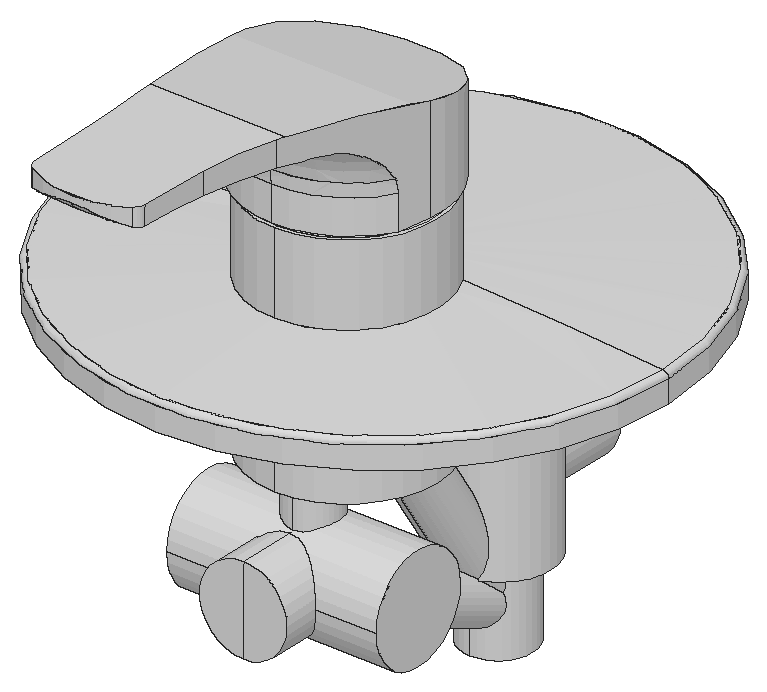
Revit family "Grohe_PlumbingFixtures_Eurosmart_SingleLeverShowerMixer_33556003xxx", category Plumbing Fixtures, host Face, Revit 2018
Family settings
  Host = Face
  Round Connector Dimension = Use Diameter
  Part Type = Normal
  OmniClass Number = 23.65.00.00
  OmniClass Title = Supply and Distribution of Liquids and Gases
  Cut with Voids When Loaded = No
  Shared = No
  Room Calculation Point = No
Parameters (values of type "33556003")
  _ObjectUserGuide = "https://www.bimstore.co/products/grohe-eurosmart-single-lever-shower-mixer-1-2-33556003/document/object-user-guide"
  _DistributedBy = "www.bimstore.co"
  _CurrentRevision = 1
  _CreatedBy = "www.bimstore.co"
  _BimSpecGuid = 0
  _BSBibleVersion = 16
  _AuthorizedBy = "bimstore"
  _Author = "AM"
  Waste Connection = no
  WarrantyStartDate [instance] = "Please record on commissioning"
  WarrantyGuarantorParts = "info-uk@grohe.com"
  WarrantyGuarantorLabor = "info-uk@grohe.com"
  WarrantyDurationUnit = "Year"
  WarrantyDurationParts = "0"
  WarrantyDurationLabor = "0"
  WarrantyDescription = "n/a"
  WFU = 0
  Vent Connection = no
  URL = "https://www.grohe.co.uk/en_gb/"
  TypeName = Type Comments  # "Single-Lever Shower Mixer"
  Type Comments = "Single-Lever Shower Mixer"
  TPIDocumentLink = "n/a"
  SustainabilityReport = "green.grohe.com/reporting"
  SustainabilityAward = "green.grohe.com/awards"
  SpareParts = "n/a"
  Size = "n/a"
  Shape = "n/a"
  SerialNumber [instance] = "Please record on commissioning"
  ReplacementCost = "n/a"
  ReferencedStandard = "n/a"
  ProductionYear = "2021"
  ProductType = "n/a"
  ProductShortText = "n/a"
  ProductNumber = "n/a"
  ProductDescription = "n/a"
  PrimaryMaterial = Steel, Chrome Plated
  PQDiagramLink = "n/a"
  NominalLength = 0 mm
  NominalHeight = 0 mm
  NominalDepth = 0 mm
  NBSReference = "45-35-70/345"
  NBSOfficeMasterTag = "n/a"
  NBSObjectName = "Grohe - Mixer taps"
  NBSNote = ""
  NBSDescription = "Mixer taps"
  ModelReference = Type Comments  # "Single-Lever Shower Mixer"
  ModelNumber = Model  # "33556003"
  Model = "33556003"
  Material = "n/a"
  ManufacturerName = "Grohe"
  Manufacturer = "Grohe"
  Keynote = "N13"
  InstallationVideo = "n/a"
  InstallationDate [instance] = "Please record on commissioning"
  IfcExportType = "IfcPipeFittingType"
  IfcExportAs = "IfcPipeFitting"
  HWFU = 0
  HW Connection = yes
  Grade = "n/a"
  GROHESustainability = "green.grohe.com"
  GROHESocialCommittment = "green.grohe.com/social_engagement"
  FullRecyclabilityOfPlastic = "All plastic components are fully recyclable"
  Finish = "n/a"
  Features = "Wall installation; GROHE SilkMove 46 mm ceramic cartridge; GROHE StarLight chrome finish; GROHE FastFixation escutcheon with covered fixation; set for final installation (19 451 003); with concealed body; adjustable flow rate limiter; escutcheon- and shaft-sealing; metal wall escutcheon; optional temperature limiter."
  ExpectedLife = 0
  Ecojoy = no
  EFSE0002 = "0"
  EFDE0022 = "None"
  EF023957 = "0"
  EF023687 = "0"
  EF023686 = "0"
  EF022042 = "D"
  EF021855 = "0"
  EF020963 = "0"
  EF020790 = "0"
  EF020789 = 104 mm
  EF020788 = "0"
  EF020786 = "1"
  EF020785 = "1/2 inch"
  EF020784 = "Polished"
  EF020783 = "Chromium-plated"
  EF020782 = "Other"
  EF020781 = "Cartouche, ceramic"
  EF020780 = "Single-grip"
  EF020779 = "0"
  EF020778 = "0"
  EF020777 = "0"
  EF020776 = "0"
  EF020775 = "0"
  EF020774 = "0"
  EF020105 = no
  EF014591 = "0"
  EF012753 = "34"
  EF011779 = "0"
  EF011775 = "AA, free air gap"
  EF005464 = "42 - 72"
  EF002671 = "Chrome"
  EF002286 = "Internal thread"
  EF002149 = "0"
  EF000010 = "Built-in section + finishing s"
  DurationUnit = "Year"
  DocumentationTechnical = "https://www.bimstore.co/products/grohe-eurosmart-single-lever-shower-mixer-1-2-33556003/document/technical-data-sheet"
  DocumentationMaintenance = "https://www.bimstore.co/products/grohe-eurosmart-single-lever-shower-mixer-1-2-33556003/document/maintenance-information"
  DocumentationLiterature = "https://www.bimstore.co/products/grohe-eurosmart-single-lever-shower-mixer-1-2-33556003/document/product-literature"
  DocumentationInstallationGuide = "https://www.bimstore.co/products/grohe-eurosmart-single-lever-shower-mixer-1-2-33556003/document/installation-guide"
  DocumentationCertificates = "https://www.bimstore.co/products/grohe-eurosmart-single-lever-shower-mixer-1-2-33556003/document/product-certificates"
  DimensionsDocumentLink = "n/a"
  Description = "Bring any bathroom up to date by installing our new Eurosmart shower mixer with tactile metal handle for precise control and a clean-lined modern profile."
  Default Elevation = 0 mm
  CreatedOn = "2021-07-27 T09:00:00"
  CreatedBy = "info-uk@grohe.com"
  CradleToCradleCertification = "n/a"
  Constituents = "n/a"
  Color = "Chrome"
  CodePerformance = "n/a"
  ClassificationValue = "Pr_40_20_87_55"
  ClassificationName = "Uniclass 2015"
  CWFU = 0
  CW Connection = yes
  CO2NeutralProduction = "GROHE is one of the first leading manufacturer within the sanitary industry having a CO2-neutral production."
  BarCode [instance] = "Please record on commissioning"
  BIMObjectName = "Grohe_PlumbingFixtures_Eurosmart_SingleLeverShowerMixer_33556003"
  AssetType = "Fixed"
  AssetIdentifier [instance] = "Please record on commissioning"
  Assembly Code = "D2010"
  AccessibilityPerformance = "n/a"
Reference planes
  plane 1 "Center (Front/Back)": y = 0
  plane 2: z = 0
  plane 3 "Center (Left/Right)": x = 0
Forms (mm)
  Extrusion 1, solid, material "Steel, Chrome Plated" <- "PrimaryMaterial"
    sketch origin (0, 0, 0) x (1, 0, 0) y (0, 1, 0)
      loop
        arc (-15.793, -105.143) -> (-15.322, -106.736) -> (-14.138, -107.901) r 3.32
        arc (-14.138, -107.901) -> (0, -111.695) -> (14.138, -107.901) r 28.238
        arc (14.138, -107.901) -> (15.322, -106.736) -> (15.793, -105.143) r 3.32
        line (15.793, -105.143) -> (16.478, -85.55)
        arc (16.478, -85.55) -> (17.292, -73.661) -> (18.902, -61.854) r 177.8
        arc (18.902, -61.854) -> (22.68, -39.161) -> (26.277, -16.438) r 2885.323
        arc (26.277, -16.438) -> (0, 14.203) -> (-26.277, -16.438) r 26.588
        arc (-26.277, -16.438) -> (-22.68, -39.161) -> (-18.902, -61.854) r 2885.323
        arc (-18.902, -61.854) -> (-17.292, -73.661) -> (-16.478, -85.55) r 177.8
        line (-16.478, -85.55) -> (-15.793, -105.143)
    from 35.511 to 84.561
  Extrusion 2, void
    sketch origin (0, 0, 1.875) x (0, -1, 0) y (0, 0, 1)
      loop
        arc (59.17, 70.719) -> (85.126, 72.331) -> (111.129, 72.023) r 352.045
        arc (111.129, 72.023) -> (112.211, 71.635) -> (112.894, 70.712) r 1.976
        line (112.894, 70.712) -> (112.894, 86.691) -> (-17.106, 86.691) -> (-17.106, 54.221)
        arc (-17.106, 54.221) -> (20.561, 64.647) -> (59.17, 70.719) r 342.864
    from -30 to 30
  Revolve 3, void
    sketch origin (0, 34.625, 1220.45) x (0, 1, 0) y (0, 0, 1)
      loop
        line (-149.609, -1188.058) -> (-74.86, -1188.058) -> (-74.86, -1175.106)
        arc (-74.86, -1175.106) -> (-74.944, -1173.131) -> (-75.194, -1171.17) r 23.388
        arc (-75.194, -1171.17) -> (-80.117, -1161.618) -> (-89.642, -1156.644) r 17.791
        line (-89.642, -1156.644) -> (-93.755, -1155.918)
        arc (-93.755, -1155.918) -> (-117.462, -1152.801) -> (-141.35, -1151.769) r 273.124
        arc (-141.35, -1151.769) -> (-145.665, -1149.625) -> (-146.558, -1144.891) r 5.408
        line (-146.558, -1144.891) -> (-149.609, -1144.891) -> (-149.609, -1188.058)
      axis (-46.385, -1144.891) -> (-46.385, -1188.058)
    angle from 0 to 360
  Revolve 4, solid, material "Steel, Chrome Plated" <- "PrimaryMaterial"
    sketch origin (0, 0, 0) x (1, 0, 0) y (0, 0, 1)
      loop
        line (0, 0) -> (0, 11.245)
        arc (0, 11.245) -> (-40.05, 10.443) -> (-80.036, 8.037) r 999.999
        arc (-80.036, 8.037) -> (-81.078, 7.53) -> (-81.5, 6.451) r 1.591
        line (-81.5, 6.451) -> (-81.5, 0) -> (0, 0)
      axis (0, 11.245) -> (0, 0)
    angle from 0 to 360
  Revolve 5, solid, material "Steel, Chrome Plated" <- "PrimaryMaterial"
    sketch origin (0, 0, 0) x (0, 1, 0) y (0, 0, 1)
      loop
        line (-13.132, -34) -> (-13.132, 47.103) -> (-28, 47.103)
        arc (-28, 47.103) -> (-34.121, 41.171) -> (-38.036, 33.6) r 26.428
        line (-38.036, 33.6) -> (-39.181, 33.6) -> (-39.181, -34) -> (-13.132, -34)
      axis (-13.132, 47.103) -> (-13.132, -34)
    angle from 0 to 360
  Extrusion 6, solid, material "Steel, Chrome Plated" <- "PrimaryMaterial"
    sketch origin (75, 32.016, 1219.2) x (0, 1, 0) y (0, 0, -1)
      loop
        circle (-57.194, 1278.851) r 15
    from 45 to 105
  Revolve 7, solid, material "Steel, Chrome Plated" <- "PrimaryMaterial"
    sketch origin (0, -1.984, 0) x (0, 1, 0) y (0, 0, 1)
      loop
        line (-31.487, -59.651) -> (-31.487, -47.152) -> (-48.194, -47.152) -> (-48.194, -59.651) -> (-31.487, -59.651)
      axis (-31.487, -59.651) -> (-48.194, -59.651)
    angle from 0 to 360
  Revolve 8, solid, material "Steel, Chrome Plated" <- "PrimaryMaterial"
    sketch origin (0, -1.984, 0) x (0, 1, 0) y (0, 0, 1)
      loop
        line (45.598, -59.651) -> (71.067, -59.651) -> (71.067, -47.152) -> (45.598, -47.152) -> (45.598, -59.651)
      axis (45.598, -59.651) -> (71.067, -59.651)
    angle from 0 to 360
  Revolve 9, solid, material "Steel, Chrome Plated" <- "PrimaryMaterial"
    sketch origin (0, -1.984, 0) x (0, 1, 0) y (0, 0, 1)
      loop
        line (42.949, -46.935) -> (42.949, -106.935) -> (52.949, -106.935) -> (52.949, -84.093) -> (57.949, -84.093) -> (57.949, -46.935) -> (42.949, -46.935)
      axis (42.949, -46.935) -> (42.949, -106.935)
    angle from 0 to 360
  Revolve 10, solid, material "Steel, Chrome Plated" <- "PrimaryMaterial"
    sketch origin (0, -1.984, 0) x (0, 1, 0) y (0, 0, 1)
      loop
        line (-4.019, -9.443) -> (-10.309, -13.527) -> (42.183, -94.359) -> (48.473, -90.274) -> (-4.019, -9.443)
      axis (42.183, -94.359) -> (-10.309, -13.527)
    angle from 0 to 360
  Revolve 11, solid, material "Steel, Chrome Plated" <- "PrimaryMaterial"
    sketch origin (0, -1.984, 0) x (0, 1, 0) y (0, 0, 1)
      loop
        line (-25.067, -58.425) -> (-27.997, -65.329) -> (39.284, -93.888) -> (42.215, -86.984) -> (-25.067, -58.425)
      axis (-27.997, -65.329) -> (39.284, -93.888)
    angle from 0 to 360
  Revolve 12, solid, material "Steel, Chrome Plated" <- "PrimaryMaterial"
    sketch origin (0, -1.984, 0) x (0, 1, 0) y (0, 0, 1)
      loop
        line (-23.194, -57.369) -> (-23.194, -34) -> (-30.694, -34) -> (-30.694, -57.369) -> (-23.194, -57.369)
      axis (-23.194, -57.369) -> (-23.194, -34)
    angle from 0 to 360
Cuts and joins
  Extrusion 2, Revolve 3 cuts Extrusion 1
  joined: Extrusion 1, Revolve 4, Revolve 5, Extrusion 6, Revolve 7, Revolve 8, Revolve 9, Revolve 10, Revolve 11, Revolve 12
Dimensions and locks
  aligned and locked: plane 2 to host face
  aligned and locked: level to host face
  aligned and locked: level to Revolve 4 sketch curve
  aligned and locked: plane 3 "Center (Left/Right)" to Revolve 4 sketch curve
  aligned and locked: Revolve 4 sketch curve to plane 3 "Center (Left/Right)"
Connectors
  piping at (30, -25.178, -59.651), diameter 15, driven by "CWFU"
    settings: on cut or joined group 1 (Extrusion 1, Extrusion 2, Revolve 3, Revolve 4, Revolve 5, Extrusion 6, Revolve 7, Revolve 8, Revolve 9, Revolve 10, Revolve 11, Revolve 12), index 1, connector inside diameter 609.6 mm, connector length 0 mm, flow factor 0, pipe flow 0.0 L/s, pressure drop 0.0 Pa, fitting loss kfactor 0, connector angle 0.00°, fixture units 0, engagement length 0 mm, angle of deflection 0.00°, flow configuration 3, flow direction 1, fitting loss method 4, system type 19, joint type 0, gender type 0, connector reference index -1, connector utility 0, adjustable connector no, is connector primary yes, connector description ""
  piping at (-30, -25.178, -59.651), diameter 15, driven by "HWFU"
    settings: on cut or joined group 1, index 2, connector inside diameter 609.6 mm, connector length 0 mm, flow factor 0, pipe flow 0.0 L/s, pressure drop 0.0 Pa, fitting loss kfactor 0, connector angle 0.00°, fixture units 0, engagement length 0 mm, angle of deflection 0.00°, flow configuration 3, flow direction 1, fitting loss method 4, system type 19, joint type 0, gender type 0, connector reference index -1, connector utility 0, adjustable connector no, is connector primary no, connector description ""
  piping at (0, 69.082, -59.651), diameter 15
    settings: on cut or joined group 1, index 3, connector inside diameter 609.6 mm, connector length 0 mm, flow factor 0, pipe flow 0.0 L/s, pressure drop 0.0 Pa, fitting loss kfactor 0, connector angle 0.00°, fixture units 0, engagement length 0 mm, angle of deflection 0.00°, flow configuration 0, flow direction 2, fitting loss method 4, system type 7, joint type 0, gender type 0, connector reference index -1, connector utility 0, adjustable connector no, is connector primary no, connector description ""
  piping at (0, -50.178, -59.651), diameter 15
    settings: on cut or joined group 1, index 4, connector inside diameter 609.6 mm, connector length 0 mm, flow factor 0, pipe flow 0.0 L/s, pressure drop 0.0 Pa, fitting loss kfactor 0, connector angle 0.00°, fixture units 0, engagement length 0 mm, angle of deflection 0.00°, flow configuration 0, flow direction 2, fitting loss method 4, system type 7, joint type 0, gender type 0, connector reference index -1, connector utility 0, adjustable connector no, is connector primary no, connector description ""
